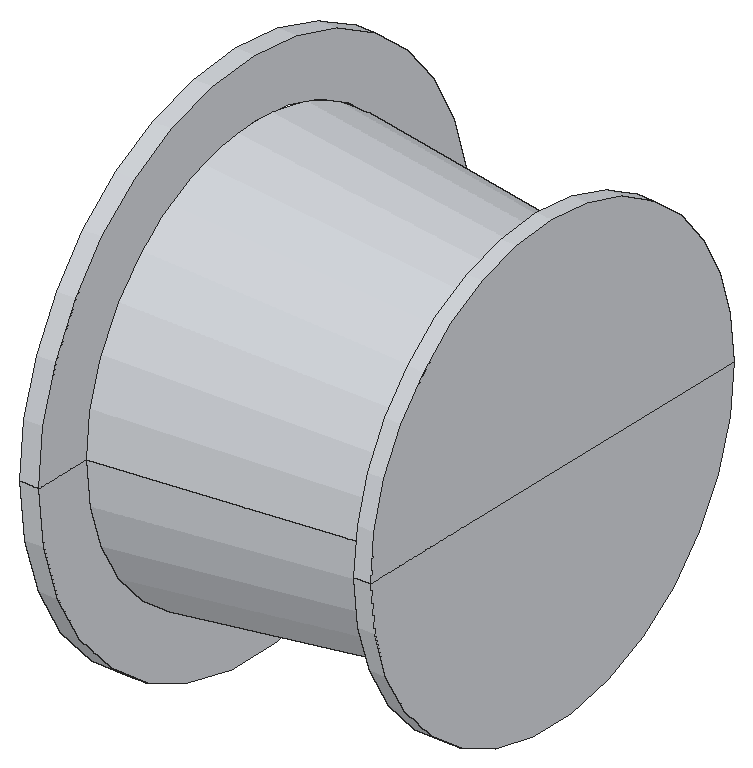
Revit family "5cf0df1888854b35970f8768b69190b5", category Pipe Fittings, Revit 2021
Family settings
  Round Connector Dimension = Use Radius
  Part Type = Transition
  OmniClass Number = 23.60.30.11.14
  OmniClass Title = Pipework Fittings
  Work Plane-Based = No
  Always vertical = Yes
  Cut with Voids When Loaded = No
  Shared = No
Parameters (values of type "Standard")
  Visibility 2 [instance] = Nominal Diameter 2 > Nominal Diameter 1  # no
  Visibility 1 [instance] = Nominal Diameter 1 > Nominal Diameter 2  # yes
  URL = ""
  Type Comments = ""
  Tick Size 2 [instance] = if(Nominal Diameter 1 > Nominal Diameter 2, Min Tick Size 12, Max Tick Size 12)  # 15.5000"
  Tick Size 1 [instance] = if(Nominal Diameter 1 > Nominal Diameter 2, Max Tick Size 12, Min Tick Size 12)  # 18.4000"
  Min Tick Size 12 [instance] = Min Flange Diameter 12 * 0.4  # 15.5000"
  Min Flange Thickness 12 [instance] = size_lookup(Lookup Table Name, "FThk", 0.03 * Min Nominal Diameter 12 + 0.5200", Min Nominal Diameter 12)  # 1.3750"
  Min Flange Diameter 12 [instance] = size_lookup(Lookup Table Name, "FDia", 1.15 * Min Nominal Diameter 12 + 4.4800", Min Nominal Diameter 12)  # 38.7500"
  Max Tick Size 12 [instance] = Max Flange Diameter 12 * 0.4  # 18.4000"
  Nominal Radius 2 [instance] = 15.0000"
  Nominal Radius 1 [instance] = 18.0000"
  Nominal Diameter 2 [instance] = Nominal Radius 2 * 2  # 30.0000"
  Nominal Diameter 1 [instance] = Nominal Radius 1 * 2  # 36.0000"
  Min Nominal Diameter 12 [instance] = if(Nominal Diameter 1 > Nominal Diameter 2, Nominal Diameter 2, Nominal Diameter 1)  # 30.0000"
  Max Nominal Diameter 12 [instance] = if(Nominal Diameter 1 > Nominal Diameter 2, Nominal Diameter 1, Nominal Diameter 2)  # 36.0000"
  Max Flange Thickness 12 [instance] = size_lookup(Lookup Table Name, "FThk", 0.03 * Max Nominal Diameter 12 + 0.5200", Max Nominal Diameter 12)  # 1.6250"
  Max Flange Diameter 12 [instance] = size_lookup(Lookup Table Name, "FDia", 1.15 * Max Nominal Diameter 12 + 4.4800", Max Nominal Diameter 12)  # 46.0000"
  Manufacturer = ""
  Loss Method = K Coefficient from Table
  Lookup Table Name = "Flange - Ring - Stainless Steel - Class 150"
  Length [instance] = if(Nominal Diameter 1 = Nominal Diameter 2, Min Nominal Diameter 12 / 2, 4 * (Max Nominal Diameter 12 - Min Nominal Diameter 12))  # 24.0000"
  K Coefficient Table = "Reducer/Coupling/Union/Increaser"
  built-in parameter 1114238 [instance] = (empty or 0)
  Flange Thickness 2 [instance] = if(Nominal Diameter 1 > Nominal Diameter 2, Min Flange Thickness 12, Max Flange Thickness 12)  # 1.3750"
  Flange Thickness 1 [instance] = if(Nominal Diameter 1 > Nominal Diameter 2, Max Flange Thickness 12, Min Flange Thickness 12)  # 1.6250"
  Flange Radius 1 [instance] = Flange Diameter 1 / 2  # 23.0000"
  Flange Radius 2 [instance] = Flange Diameter 2 / 2  # 19.3750"
  Flange Diameter 2 [instance] = if(Nominal Diameter 1 > Nominal Diameter 2, Min Flange Diameter 12, Max Flange Diameter 12)  # 38.7500"
  Flange Diameter 1 [instance] = if(Nominal Diameter 1 > Nominal Diameter 2, Max Flange Diameter 12, Min Flange Diameter 12)  # 46.0000"
  Description = ""
  Default Elevation = 0.0000"
  Assembly Code = ""
Reference planes (in)
  plane 1 "Center (Front/Back)": y = 0
  plane 2: z = 0
  plane 3 "Center (Left/Right)": x = 0
  plane 4 "Right": x = 27
  plane 5 "TK1 Top": y = 18.4
  plane 6 "TK1 Bottom": y = -18.4
  plane 7 "TK2 Top": y = 15.5
  plane 8 "TK2 Bottom": y = -15.5
  plane 9: y = 18
  plane 10: y = 15
  plane 11: x = 1.625
  plane 12: y = 23
  plane 13: x = 25.625
  plane 14: y = 19.375
Forms (in)
  Extrusion 1, solid, not visible
    sketch origin (0, 0, 0) x (0, 1, 0) y (0, 0, 1)
      loop
        circle (0, 0) r 1
    from 0 to 27
  Revolve 2, solid, detail levels fine
    sketch origin (0, 0, 0) x (1, 0, 0) y (0, 1, 0)
      loop
        line (0, 0) -> (27, 0) -> (27, 19.375) -> (25.625, 19.375) -> (25.625, 15) -> (1.625, 18) -> (1.625, 23) -> (0, 23) -> (0, 0)
      axis (0, 0) -> (27, 0)
    angle from 0 to 360
Lines and regions (in)
  model lines, detail levels coarse+medium
    curve 1: line (0, 0, 0) -> (0, 18.4, 0)
    curve 2: line (0, -18.4, 0) -> (0, 0, 0)
    curve 3: line (27, 0, 0) -> (27, 15.5, 0)
    curve 4: line (27, 0, 0) -> (27, -15.5, 0)
  model lines, style "PipeFitting", visible <- "Visibility 1", detail levels coarse+medium
    curve 5: line (0, 18.4, 0) -> (27, 0, 0)
    curve 6: line (0, -18.4, 0) -> (27, 0, 0)
  model lines, style "PipeFitting", visible <- "Visibility 2", detail levels coarse+medium
    curve 7: line (27, 15.5, 0) -> (0, 0, 0)
    curve 8: line (0, 0, 0) -> (27, -15.5, 0)
Dimensions and locks (in)
  "Tick Size 1": plane 5 "TK1 Top" to plane 1 "Center (Front/Back)"
  "Tick Size 1": plane 6 "TK1 Bottom" to plane 1 "Center (Front/Back)"
  "Tick Size 2": plane 7 "TK2 Top" to plane 1 "Center (Front/Back)"
  "Tick Size 2": plane 8 "TK2 Bottom" to plane 1 "Center (Front/Back)"
  "Nominal Radius 1": plane 9 to plane 1 "Center (Front/Back)"
  "Nominal Radius 2": plane 10 to plane 1 "Center (Front/Back)"
  "Flange Thickness 1": plane 3 "Center (Left/Right)" to plane 11
  "Flange Thickness 2": plane 13 to plane 4 "Right"
  "Length": plane 11 to plane 13
  "Flange Radius 1": plane 12 to plane 1 "Center (Front/Back)"
  "Flange Radius 2": plane 14 to plane 1 "Center (Front/Back)"
  radius of Extrusion 1 sketch curve = 1.0000"
  aligned and locked: plane 2 to level
  aligned and locked: plane 2 to Extrusion 1 sketch curve
  aligned and locked: plane 1 "Center (Front/Back)" to Extrusion 1 sketch curve
  aligned and locked: Extrusion 1 to plane 3 "Center (Left/Right)"
  aligned and locked: plane 4 "Right" to Extrusion 1
  aligned and locked: plane 1 "Center (Front/Back)" to curve 2
  aligned and locked: plane 3 "Center (Left/Right)" to curve 1
  aligned and locked: plane 3 "Center (Left/Right)" to curve 2
  aligned and locked: plane 5 "TK1 Top" to curve 1
  aligned and locked: plane 6 "TK1 Bottom" to curve 2
  aligned and locked: curve 3 to plane 7 "TK2 Top"
  aligned and locked: curve 4 to plane 4 "Right"
  aligned and locked: plane 1 "Center (Front/Back)" to Revolve 2 sketch curve
  aligned and locked: Revolve 2 sketch curve to Revolve 2 sketch curve
  aligned and locked: Revolve 2 sketch curve to plane 3 "Center (Left/Right)"
  aligned and locked: plane 11 to Revolve 2 sketch curve
  aligned and locked: plane 12 to Revolve 2 sketch curve
  aligned and locked: plane 13 to Revolve 2 sketch curve
  aligned and locked: Revolve 2 sketch curve to plane 4 "Right"
  aligned and locked: plane 14 to Revolve 2 sketch curve
Automatic sketch dimensions
  plane 8 "TK2 Bottom" to curve 8 = 0.0000"
  plane 1 "Center (Front/Back)" to curve 4 = 0.0000"
  Revolve 2 sketch curve to plane 9 = 0.0000"
  Revolve 2 sketch curve to plane 10 = 0.0000"
  Revolve 2 sketch curve to plane 3 "Center (Left/Right)" = 9.7500"
  plane 4 "Right" to Revolve 2 sketch curve = 7.2500"
Connectors (in)
  piping at (0, 0, 0), diameter 36, driven by "Nominal Radius 1"
    settings: on Revolve 2, index 1, connector inside diameter 36.0000", connector length 0.0000", flow factor 0, pipe flow 0 GPM, pressure drop 0.00 psi, fitting loss kfactor 0, connector angle 0.00°, fixture units 0, engagement length 0.0000", angle of deflection 0.00°, flow configuration 0, flow direction 0, fitting loss method 0, system type 28, joint type 0, gender type 0, connector reference index 2, connector utility 0, adjustable connector no, is connector primary yes, connector description ""
  piping at (27, 0, 0), diameter 30, driven by "Nominal Radius 2"
    settings: on Revolve 2, index 2, connector inside diameter 30.0000", connector length 0.0000", flow factor 0, pipe flow 0 GPM, pressure drop 0.00 psi, fitting loss kfactor 0, connector angle 0.00°, fixture units 0, engagement length 0.0000", angle of deflection 0.00°, flow configuration 0, flow direction 0, fitting loss method 0, system type 28, joint type 0, gender type 0, connector reference index 1, connector utility 0, adjustable connector no, is connector primary no, connector description ""
